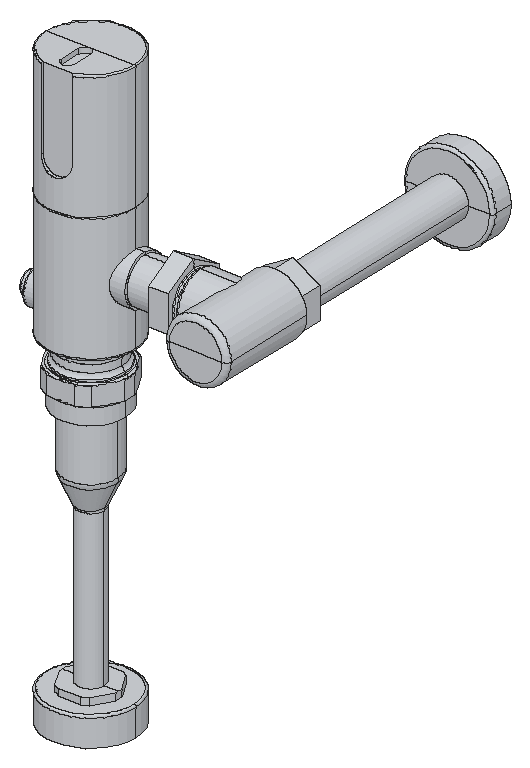
Revit family "Flushometer-Urinal_Touchless-KOHLER-MACH_WAVE-K-40UH00K20_1", category Plumbing Fixtures, host Face, Revit 2017
Family settings
  Host = Face
  Round Connector Dimension = Use Diameter
  Part Type = Normal
  OmniClass Number = 23.27.31.00
  OmniClass Title = Valves
  Cut with Voids When Loaded = No
  Shared = No
  Room Calculation Point = No
Parameters (values of type "1.0 GPF Flushometer, CP-Polished Chrome")
  Without Accessories = Type = 2  # no
  With Accessories = Type = 1  # yes
  Width [instance] = 4 3/8"
  WaterSense Certified = 1 = 0  # no
  Waste Water Outlet = "Waste Water Outlet"  # constant formula
  Waste Connection = 1 = 0  # no
  Vent Connection = 1 = 0  # no
  URL = "https://www.us.kohler.com/us/"
  Type = 1
  RF Width = 3 1/2"  # constant formula
  RF Length = 2 1/2"  # constant formula
  RF Height = 8 1/16"  # constant formula
  Product Page URL = "http://www.us.kohler.com/us/catalog/productDetails.jsp?productId=40UH00K20"
  Product Name = "MACH WAVE"  # constant formula
  Product Documentation Link = "https://www.us.kohler.com/webassets/kpna/catalog/pdf/en/K-40UH00K20_spec.pdf"
  Pressure = 0.00 psi
  Model = if(Type = 1, "K-40UH00K20-CP", if(Type = 2, "K-40UH00K20-RF-CP", "NA"))  # "K-40UH00K20-CP"
  Material = "Premium Metal Construction"  # constant formula
  Master Format 2014 Name = "Control Valves"  # constant formula
  Master Format 2014 = "23 09 13.33"  # constant formula
  Manufacturer Address = "444 Highland Dr, Kohler, WI 53044"  # constant formula
  Manufacturer = "KOHLER Co."  # constant formula
  Length [instance] = 9 3/8"
  Hot Water Inlet = "Hot Water Inlet"  # constant formula
  Height [instance] = 16 3/4"
  HW Connection = 1 = 0  # no
  Flush Rate- LPF = "3.8 LPF"  # constant formula
  Flush Rate- GPF = "1.0 GPF"  # constant formula
  Flow Rate = 0 GPM
  Finish = Kohler-Metal-CP-Polished_Chrome
  Environmental Product Declaration = ""
  Description = if(Type = 1, "HEC 1.0 GPF URINAL FLASH VALVE", if(Type = 2, "HEC 1.0 GPF URINAL RETROFIT FLASH VALVE", "NA"))  # "HEC 1.0 GPF URINAL FLASH VALVE"
  Default Elevation = 0"
  Declare Label = ""
  Date Modified = "02/11/2021"  # constant formula
  Date Created = "02/11/2021"  # constant formula
  Copyright = "Copyright KOHLER Co."  # constant formula
  Contact Us = "https://www.us.kohler.com/us/static/contact.jsp"
  Connector Dia 2 = if(Without Accessories, 3/4", 0")  # 0"
  Connector Dia 1 = if(With Accessories, 3/4", 0")  # 3/4"
  Cold Water Outlet = "Cold Water Outlet"  # constant formula
  Cold Water Inlet = "Cold Water Inlet"  # constant formula
  Center Distance [instance] = (Height - 5 1/4")  # 11 1/2"
  CW Connection = 1 = 1  # yes
  Assembly Code = "D2020"
  ADA Compliant = 1 = 0  # no
Reference planes (in)
  plane 1 "Center (Front/Back)": y = 0
  plane 2: z = 0
  plane 3 "Center (Left/Right)": x = 0
  plane 4: x = 4.375
  plane 5: z = 16.75
  plane 6: y = 7.5625
  plane 7: y = -1.8125
  plane 8: z = 11.5
  plane 9: x = -1.25
  plane 10: x = -0.375
  plane 11: x = 0.375
  plane 12: x = 1.25
  plane 13: x = -1.75
  plane 14: y = 1.25
  plane 15: y = 0.375
  plane 16: y = -0.375
  plane 17: y = -1.25
  plane 18: x = 3.125
  plane 19: x = 3.8125
  plane 20: x = 4.9375
  plane 21: x = 5.625
  plane 22: y = 6.95157
  plane 23: z = 12.75
  plane 24: z = 12.0625
  plane 25: z = 10.9375
  plane 26: z = 10.25
  plane 27: z = 10.3125
  plane 28: z = 0.8125
  plane 29: z = 8.0625
  plane 30: z = 2.75
  plane 31: x = 3.5
  plane 32: z = 1.625
  plane 33: z = 2.08661
  plane 34: z = 3.41339
  plane 35: y = 0.66339
  plane 36: y = -0.66339
  plane 37: x = -1.25
  plane 38: y = 1.25
  plane 39: y = -1.25
  plane 40: x = 1.25
Dimensions and locks (in)
  "Width": plane 3 "Center (Left/Right)" to plane 4
  "Height": plane 5 to level
  locked: plane 7 to plane 1 "Center (Front/Back)" at 1.8125
  "Length": plane 7 to plane 6
  "Center Distance": plane 8 to level
  plane 5 to plane 8 = 5 1/4"
  plane 18 to plane 4 to plane 21 = 1 1/4" locked, 1 1/4" locked
  plane 19 to plane 4 to plane 20 = 9/16" locked, 9/16" locked
  locked: plane 22 to plane 6 at 0.61093
  locked: plane 27 to plane 8 at 1.1875
  plane 26 to plane 8 to plane 23 = 1 1/4" locked, 1 1/4" locked
  plane 24 to plane 8 to plane 25 = 9/16" locked, 9/16" locked
  plane 28 to level = 13/16"
  "RF Height": plane 29 to level
  "RF Width": plane 3 "Center (Left/Right)" to plane 31
  "RF Length": plane 14 to plane 17
  aligned and locked: plane 2 to host face
  aligned and locked: level to host face
  aligned and locked: plane 5 to nested 1
  aligned and locked: plane 6 to nested 1
  aligned and locked: plane 1 "Center (Front/Back)" to nested 1
  aligned and locked: plane 3 "Center (Left/Right)" to nested 1
  aligned and locked: plane 7 to nested 1
Automatic sketch dimensions
  host sketch curve to host sketch curve = 96"  (x2)
Nested families (in)
  nested 1: "K-40UH00K20" at (0, 0, 0), visible <- "With Accessories", type "K-40UH00K20"
  nested 2: "K-40UH00K20_RF" at (0, 0, 0), visible <- "Without Accessories", type "K-40UH00K20_RF"
Connectors (in)
  piping at (4.375, 7.5625, 11.5), diameter 0.75, driven by "Flow Rate", driven by "CW Connection", driven by "Cold Water Inlet", driven by "Connector Dia 1"
    settings: on nested 1, index 1, connector inside diameter 24", connector length 0", flow factor 0, pipe flow 0 GPM, pressure drop 0.00 psi, fitting loss kfactor 0, connector angle 0.00°, fixture units 0, engagement length 0", angle of deflection 0.00°, flow configuration 0, flow direction 1, fitting loss method 0, system type 20, joint type 0, gender type 0, connector reference index -1, connector utility 1, adjustable connector no, is connector primary yes, connector description "Cold Water Inlet"
  piping at (0, 0, 0), diameter 0.75, driven by "Flow Rate", driven by "CW Connection", driven by "Cold Water Outlet"
    settings: on nested 1, index 2, connector inside diameter 24", connector length 0", flow factor 0, pipe flow 0 GPM, pressure drop 0.00 psi, fitting loss kfactor 0, connector angle 0.00°, fixture units 0, engagement length 0", angle of deflection 0.00°, flow configuration 0, flow direction 2, fitting loss method 0, system type 20, joint type 0, gender type 0, connector reference index -1, connector utility 1, adjustable connector no, is connector primary no, connector description "Cold Water Outlet"
  piping at (3.5, 0, 2.75), driven by "Flow Rate", driven by "CW Connection", driven by "Cold Water Inlet", driven by "Connector Dia 2"
    settings: on nested 2, index 3, connector diameter 0", connector inside diameter 24", connector length 0", flow factor 0, pipe flow 0 GPM, pressure drop 0.00 psi, fitting loss kfactor 0, connector angle 0.00°, fixture units 0, engagement length 0", angle of deflection 0.00°, flow configuration 0, flow direction 1, fitting loss method 0, system type 20, joint type 0, gender type 0, connector reference index -1, connector utility 1, adjustable connector no, is connector primary no, connector description "Cold Water Inlet"
Definition of nested family "K-40UH00K20"
  Parameters (values of type "K-40UH00K20")
    length = 9 3/8"
    Width = 4 3/8"
    Material = none
    Height = 16 3/4"
    Center Distance = (Height - 5 1/4")  # 11 1/2"
  Reference planes (in)
    plane 1 "Center (Front/Back)": y = 0
    plane 2: z = 0
    plane 3 "Center (Left/Right)": x = 0
    plane 4 "A": z = 11.5
    plane 5: z = 10.3125
    plane 6: z = 16.75
    plane 7: x = 4.375
    plane 8: x = -1.25
    plane 9: x = 1.25
    plane 10: y = 1.25
    plane 11: y = -1.25
    plane 12: y = 7.5625
    plane 13: y = -1.8125
    plane 14: z = 12.75
    plane 15: z = 10.25
    plane 16: z = 8.96457
    plane 17: z = 8.37649
    plane 18: x = 3.125
    plane 19: x = 5.625
    plane 20: x = -1.75
    plane 21: z = 16.625
    plane 22: z = 10.77154
    plane 23: y = 6.95157
    plane 24: x = 2.31594
    plane 25: x = 2.86713
    plane 26: x = 2.31594
    plane 27: x = 2.86713
    plane 28: x = -0.375
    plane 29: x = 0.375
    plane 30: y = 0.375
    plane 31: y = -0.375
    plane 32: x = 3.8125
    plane 33: x = 4.9375
    plane 34: z = 12.0625
    plane 35: z = 10.9375
    plane 36: z = 0.8125
  Forms (in)
    Extrusion 1, void
      sketch origin (0, 0, 0) x (1, 0, 0) y (0, 1, 0)
        loop
          circle (0, 0) r 1.31929
        loop
          line (-1.08681, 0.18452) -> (-1.08681, -0.18452) -> (-0.7032, -0.84894) -> (-0.38361, -1.03346) -> (0.38361, -1.03346) -> (0.7032, -0.84894) -> (1.08681, -0.18452) -> (1.08681, 0.18452) -> (0.7032, 0.84894) -> (0.38361, 1.03346) -> (-0.38361, 1.03346) -> (-0.7032, 0.84894) -> (-1.08681, 0.18452)
      from 8.96457 to 8.37649
    Extrusion 2, void
      sketch origin (0, 0, 0) x (1, 0, 0) y (0, 1, 0)
        loop
          line (-0.78603, 0.10393) -> (-0.78603, -0.10393) -> (-0.48302, -0.62876) -> (-0.30301, -0.73268) -> (0.30301, -0.73268) -> (0.48302, -0.62876) -> (0.78603, -0.10393) -> (0.78603, 0.10393) -> (0.48302, 0.62876) -> (0.30301, 0.73268) -> (-0.30301, 0.73268) -> (-0.48302, 0.62876) -> (-0.78603, 0.10393)
        loop
          circle (0, 0) r 1.08041
      from 0.81496 to 1.4779
    Revolve 3, solid, material <- "Material", detail levels medium+fine
      sketch origin (0, 0, 0) x (1, 0, 0) y (0, 0, 1)
        loop
          line (1.50388, 12.13386) -> (1.50388, 12.18528) -> (0, 12.18528) -> (0, 11.5) -> (4.375, 11.5) -> (4.375, 12.31231) -> (3.06772, 12.31231)
          arc (3.06772, 12.31231) -> (3.04611, 12.30801) -> (3.02779, 12.29577) r 0.05647
          line (3.02779, 12.29577) -> (2.97034, 12.23832) -> (2.89854, 12.23832)
          arc (2.89854, 12.23832) -> (2.87633, 12.24752) -> (2.86713, 12.26973) r 0.03141
          line (2.86713, 12.26973) -> (2.86713, 12.57402) -> (2.31594, 12.57402) -> (2.31594, 12.13386) -> (1.50388, 12.13386)
        axis (0, 11.5) -> (4.375, 11.5)
      angle from 0 to 360
    Revolve 4, solid, material <- "Material", detail levels medium+fine
      sketch origin (0, 0, 11.5) x (-1, 0, 0) y (0, -1, 0)
        loop
          line (-5.25094, -1.55) -> (-4.93746, -1.55) -> (-4.93746, -6.95157) -> (-5.54291, -6.95157)
          arc (-5.54291, -6.95157) -> (-5.60096, -6.97562) -> (-5.625, -7.03367) r 0.08209
          line (-5.625, -7.03367) -> (-5.625, -7.5625) -> (-4.375, -7.5625) -> (-4.375, 1.8125) -> (-5.10646, 1.8125)
          arc (-5.10646, 1.8125) -> (-5.20862, 1.77018) -> (-5.25094, 1.66802) r 0.14448
          line (-5.25094, 1.66802) -> (-5.25094, -1.55)
        axis (-4.375, -7.5625) -> (-4.375, 1.8125)
      angle from 0 to 360
    Extrusion 5, void
      sketch origin (0, 0, 0) x (0, 1, 0) y (0, 0, 1)
        loop
          circle (0, 11.5) r 1.18947
        loop
          line (0, 12.50197) -> (-0.86773, 12.00098) -> (-0.86773, 10.99902) -> (0, 10.49803) -> (0.86773, 10.99902) -> (0.86773, 12.00098) -> (0, 12.50197)
      from 2.31594 to 2.86713
    Extrusion 6, void
      sketch origin (0, 0, 0) x (1, 0, 0) y (0, 0, 1)
        loop
          circle (4.375, 11.5) r 1.06894
        loop
          line (4.375, 12.37594) -> (3.61641, 11.93797) -> (3.61641, 11.06203) -> (4.375, 10.62406) -> (5.13359, 11.06203) -> (5.13359, 11.93797) -> (4.375, 12.37594)
      from -0.92795 to -1.86496
    Revolve 7, solid, material <- "Material", detail levels medium+fine
      sketch origin (0, 0, 0) x (1, 0, 0) y (0, 0, 1)
        loop
          line (-0.5997, 10.3125) -> (-0.5997, 10.80709) -> (-1.46322, 10.80709)
          arc (-1.46322, 10.80709) -> (-1.50732, 10.78882) -> (-1.52559, 10.74472) r 0.06237
          line (-1.52559, 10.74472) -> (-1.52559, 10.62339) -> (-1.68732, 10.62339)
          arc (-1.68732, 10.62339) -> (-1.73164, 10.60503) -> (-1.75, 10.56071) r 0.06268
          line (-1.75, 10.56071) -> (-1.75, 10.3125) -> (-0.5997, 10.3125)
        axis (-1.75, 10.3125) -> (-0.5997, 10.3125)
      angle from 0 to 360
    Extrusion 8, void
      sketch origin (0, 0, 0) x (1, 0, 0) y (0, 0, 1)
        loop
          line (0.42988, 16.75) -> (-0.42988, 16.75) -> (-0.42988, 14.48421)
          arc (-0.42988, 14.48421) -> (-0.30372, 14.18071) -> (0, 14.05506) r 0.42988
          arc (0, 14.05506) -> (0.30372, 14.18071) -> (0.42988, 14.48421) r 0.42988
          line (0.42988, 14.48421) -> (0.42988, 16.75)
      from 1.13381 to 1.33905
    Extrusion 9, void
      sketch origin (0, 0, 11.5) x (-1, 0, 0) y (0, -1, 0)
        loop
          line (0.18307, 0.20669) -> (0.18307, 0.79724)
          arc (0.18307, 0.79724) -> (0, 0.98031) -> (-0.18307, 0.79724) r 0.18307
          line (-0.18307, 0.79724) -> (-0.18307, 0.20669)
          arc (-0.18307, 0.20669) -> (0, 0.02362) -> (0.18307, 0.20669) r 0.18307
      from 5.125 to 5.25
    Extrusion 10, void
      sketch origin (0, 0, 11.5) x (-1, 0, 0) y (0, -1, 0)
        loop
          line (1.41057, -0.21142) -> (1.60921, -0.21142) -> (1.60921, 0.21142) -> (1.40955, 0.21142)
          arc (1.40955, 0.21142) -> (1.36418, 0.19773) -> (1.33395, 0.16123) r 0.08203
          arc (1.33395, 0.16123) -> (1.30138, 0.00064) -> (1.33346, -0.16005) r 0.41534
          arc (1.33346, -0.16005) -> (1.36424, -0.1974) -> (1.41057, -0.21142) r 0.08357
      from 0 to -0.72846
    Revolve 11, solid, material <- "Material", detail levels medium+fine
      sketch origin (0, 0, 0) x (1, 0, 0) y (0, 0, 1)
        loop
          line (0, 0) -> (1.25, 0) -> (1.25, 0.75359)
          arc (1.25, 0.75359) -> (1.23275, 0.79525) -> (1.19109, 0.8125) r 0.05891
          line (1.19109, 0.8125) -> (0.92409, 0.8125) -> (0.92409, 1) -> (0.375, 1) -> (0.375, 5.35938)
          arc (0.375, 5.35938) -> (0.37896, 5.39553) -> (0.39065, 5.42996) r 0.167
          line (0.39065, 5.42996) -> (0.72601, 6.14915)
          arc (0.72601, 6.14915) -> (0.74977, 6.21913) -> (0.75781, 6.2926) r 0.33942
          line (0.75781, 6.2926) -> (0.75781, 7.89764) -> (0.98425, 7.89764) -> (0.98425, 8.34472)
          arc (0.98425, 8.34472) -> (0.99197, 8.36919) -> (1.01232, 8.3848) r 0.04265
          line (1.01232, 8.3848) -> (1.14839, 8.43433)
          arc (1.14839, 8.43433) -> (1.16889, 8.45006) -> (1.17666, 8.47471) r 0.04297
          line (1.17666, 8.47471) -> (1.17666, 8.877)
          arc (1.17666, 8.877) -> (1.16889, 8.90164) -> (1.14839, 8.91738) r 0.04297
          line (1.14839, 8.91738) -> (1.07657, 8.94351)
          arc (1.07657, 8.94351) -> (1.03961, 8.95342) -> (1.00148, 8.95675) r 0.21955
          line (1.00148, 8.95675) -> (0.94231, 8.95675) -> (0.94231, 9.0002)
          arc (0.94231, 9.0002) -> (0.88676, 9.06161) -> (0.86667, 9.14194) r 0.17064
          line (0.86667, 9.14194) -> (0.86667, 9.35008)
          arc (0.86667, 9.35008) -> (0.95904, 9.57308) -> (1.18205, 9.66545) r 0.31537
          line (1.18205, 9.66545) -> (1.22186, 9.66545)
          arc (1.22186, 9.66545) -> (1.24176, 9.67369) -> (1.25, 9.69359) r 0.02814
          line (1.25, 9.69359) -> (1.25, 13.19548)
          arc (1.25, 13.19548) -> (1.24055, 13.21854) -> (1.21765, 13.22835) r 0.03287
          line (1.21765, 13.22835) -> (1.25, 13.22835) -> (1.25, 16.71358)
          arc (1.25, 16.71358) -> (1.23933, 16.73933) -> (1.21358, 16.75) r 0.03642
          line (1.21358, 16.75) -> (0, 16.75) -> (0, 0)
        axis (0, 0) -> (0, 16.75)
      angle from 0 to 360
    Revolve 12, solid, material <- "Material", detail levels coarse
      sketch origin (0, 0, 0) x (1, 0, 0) y (0, 0, 1)
        loop
          line (0, 16.75) -> (-1.25, 16.75) -> (-1.25, 7.89764) -> (-0.75781, 7.89764) -> (-0.75781, 5.42296) -> (-0.375, 5.42296) -> (-0.375, 0.81496) -> (-1.25, 0.81496) -> (-1.25, 0) -> (0, 0) -> (0, 16.75)
        axis (0, 16.75) -> (0, 0)
      angle from 0 to 360
    Revolve 13, solid, material <- "Material", detail levels coarse
      sketch origin (0, 0, 11.5) x (-1, 0, 0) y (0, -1, 0)
        loop
          line (-4.375, -7.5625) -> (-4.375, 1.8125) -> (-5.25094, 1.8125) -> (-5.25094, -1.55) -> (-4.93764, -1.55) -> (-4.93764, -6.95157) -> (-5.625, -6.95157) -> (-5.625, -7.5625) -> (-4.375, -7.5625)
        axis (-4.375, -7.5625) -> (-4.375, 1.8125)
      angle from 0 to 360
    Extrusion 14, solid, material <- "Material", detail levels coarse
      sketch origin (0, 0, 0) x (0, 1, 0) y (0, 0, 1)
        loop
          circle (0, 10.3125) r 0.49459
      from -1.75 to -1.08681
    Extrusion 15, solid, material <- "Material", detail levels medium+fine
      sketch origin (0, 0, 0) x (1, 0, 0) y (0, 0, 1)
        loop
          circle (4.375, 11.5) r 0.22469
      from -7.5625 to -6.95157
    Revolve 16, solid, material <- "Material", detail levels coarse
      sketch origin (0, 0, 0) x (1, 0, 0) y (0, 0, 1)
        loop
          line (0, 12.13357) -> (0, 11.5) -> (4.375, 11.5) -> (4.375, 12.31214) -> (2.86713, 12.31214) -> (2.86713, 12.50197) -> (2.31594, 12.50197) -> (2.31594, 12.13357) -> (0, 12.13357)
        axis (4.375, 11.5) -> (0, 11.5)
      angle from 0 to 360
  Cuts and joins
    Extrusion 8, Extrusion 9, Extrusion 10 cuts Revolve 7
    Extrusion 6 cuts Revolve 4
    Extrusion 1, Extrusion 2, Extrusion 8, Extrusion 9 cuts Revolve 11
    Extrusion 5 cuts Revolve 3
  Lines and regions (in)
    Masking region 1
      outline origin (0, 0, 11.5) x (-1, 0, 0) y (0, -1, 0)
        loop
          line (1.14764, -0.49541) -> (1.45548, -0.49541)
          arc (1.45548, -0.49541) -> (1.50506, -0.47487) -> (1.52559, -0.4253) r 0.07011
          line (1.52559, -0.4253) -> (1.52559, -0.31089) -> (1.69067, -0.31089)
          arc (1.69067, -0.31089) -> (1.73262, -0.29351) -> (1.75, -0.25156) r 0.05933
          line (1.75, -0.25156) -> (1.75, 0.25156)
          arc (1.75, 0.25156) -> (1.73262, 0.29351) -> (1.69067, 0.31089) r 0.05933
          line (1.69067, 0.31089) -> (1.52559, 0.31089) -> (1.52559, 0.4253)
          arc (1.52559, 0.4253) -> (1.50506, 0.47487) -> (1.45548, 0.49541) r 0.07011
          line (1.45548, 0.49541) -> (1.14764, 0.49541)
          arc (1.14764, 0.49541) -> (0.68675, 1.04445) -> (0, 1.25) r 1.25
          arc (0, 1.25) -> (-0.59409, 1.0998) -> (-1.04541, 0.68528) r 1.25
          line (-1.04541, 0.68528) -> (-1.50394, 0.68528) -> (-1.50394, 0.63386) -> (-2.31594, 0.63386) -> (-2.31594, 0.86773) -> (-2.86713, 0.86773) -> (-2.86713, 0.77274)
          arc (-2.86713, 0.77274) -> (-2.87721, 0.7484) -> (-2.90155, 0.73832) r 0.03442
          line (-2.90155, 0.73832) -> (-2.97034, 0.73832) -> (-3.0243, 0.79228)
          arc (-3.0243, 0.79228) -> (-3.0465, 0.80711) -> (-3.0727, 0.81232) r 0.06845
          line (-3.0727, 0.81232) -> (-3.49906, 0.81232) -> (-3.49906, 1.66989)
          arc (-3.49906, 1.66989) -> (-3.54083, 1.77073) -> (-3.64167, 1.8125) r 0.14261
          line (-3.64167, 1.8125) -> (-5.11806, 1.8125)
          arc (-5.11806, 1.8125) -> (-5.21202, 1.77358) -> (-5.25094, 1.67962) r 0.13288
          line (-5.25094, 1.67962) -> (-5.25094, -0.92795) -> (-5.13359, -0.92795) -> (-5.13359, -1.55) -> (-4.93764, -1.55) -> (-4.93764, -6.95157) -> (-5.54009, -6.95157)
          arc (-5.54009, -6.95157) -> (-5.60013, -6.97645) -> (-5.625, -7.03649) r 0.08491
          line (-5.625, -7.03649) -> (-5.625, -7.5625) -> (-3.125, -7.5625) -> (-3.125, -7.03649)
          arc (-3.125, -7.03649) -> (-3.14987, -6.97645) -> (-3.20991, -6.95157) r 0.08491
          line (-3.20991, -6.95157) -> (-3.81236, -6.95157) -> (-3.81236, -1.55) -> (-3.61641, -1.55) -> (-3.61641, -0.92795) -> (-3.49906, -0.92795) -> (-3.49906, -0.81232) -> (-3.0727, -0.81232)
          arc (-3.0727, -0.81232) -> (-3.0465, -0.80711) -> (-3.0243, -0.79228) r 0.06845
          line (-3.0243, -0.79228) -> (-2.97034, -0.73832) -> (-2.90155, -0.73832)
          arc (-2.90155, -0.73832) -> (-2.87721, -0.7484) -> (-2.86713, -0.77274) r 0.03442
          line (-2.86713, -0.77274) -> (-2.86713, -0.86773) -> (-2.31594, -0.86773) -> (-2.31594, -0.63386) -> (-1.50394, -0.63386) -> (-1.50394, -0.68528) -> (-1.04541, -0.68528)
          arc (-1.04541, -0.68528) -> (-0.59409, -1.0998) -> (0, -1.25) r 1.25
          arc (0, -1.25) -> (0.68675, -1.04445) -> (1.14764, -0.49541) r 1.25
    Masking region 2
      outline origin (0, 0, 0) x (1, 0, 0) y (0, 0, 1)
        loop
          line (1.25, 0) -> (1.25, 0.75477)
          arc (1.25, 0.75477) -> (1.23309, 0.79559) -> (1.19227, 0.8125) r 0.05773
          line (1.19227, 0.8125) -> (0.78603, 0.8125) -> (0.78603, 1) -> (0.375, 1) -> (0.375, 5.36333)
          arc (0.375, 5.36333) -> (0.37834, 5.39387) -> (0.38822, 5.42296) r 0.14108
          line (0.38822, 5.42296) -> (0.7292, 6.1542)
          arc (0.7292, 6.1542) -> (0.75057, 6.21716) -> (0.75781, 6.28325) r 0.30536
          line (0.75781, 6.28325) -> (0.75781, 7.89764) -> (0.98425, 7.89764) -> (0.98425, 8.33679)
          arc (0.98425, 8.33679) -> (0.99588, 8.36486) -> (1.02395, 8.37649) r 0.0397
          line (1.02395, 8.37649) -> (1.08681, 8.37649) -> (1.08681, 8.92229)
          arc (1.08681, 8.92229) -> (1.07443, 8.95218) -> (1.04453, 8.96457) r 0.04228
          line (1.04453, 8.96457) -> (0.94231, 8.96457) -> (0.94231, 9.0002)
          arc (0.94231, 9.0002) -> (0.88697, 9.06221) -> (0.86698, 9.14288) r 0.1728
          line (0.86698, 9.14288) -> (0.86698, 9.35892)
          arc (0.86698, 9.35892) -> (0.95683, 9.57583) -> (1.17374, 9.66568) r 0.30676
          line (1.17374, 9.66568) -> (1.22254, 9.66568)
          arc (1.22254, 9.66568) -> (1.24196, 9.67372) -> (1.25, 9.69314) r 0.02746
          line (1.25, 9.69314) -> (1.25, 10.81472) -> (1.50394, 10.81472) -> (1.50394, 10.86643) -> (2.31594, 10.86643) -> (2.31594, 10.49803) -> (2.86713, 10.49803) -> (2.86713, 10.72866)
          arc (2.86713, 10.72866) -> (2.8768, 10.75201) -> (2.90014, 10.76168) r 0.03302
          line (2.90014, 10.76168) -> (2.97034, 10.76168) -> (3.02723, 10.70479)
          arc (3.02723, 10.70479) -> (3.04598, 10.69226) -> (3.0681, 10.68786) r 0.0578
          line (3.0681, 10.68786) -> (3.42477, 10.68786)
          arc (3.42477, 10.68786) -> (5.625, 11.5) -> (3.42477, 12.31214) r 1.25
          line (3.42477, 12.31214) -> (3.0681, 12.31214)
          arc (3.0681, 12.31214) -> (3.04598, 12.30774) -> (3.02723, 12.29521) r 0.0578
          line (3.02723, 12.29521) -> (2.97034, 12.23832) -> (2.90094, 12.23832)
          arc (2.90094, 12.23832) -> (2.87703, 12.24822) -> (2.86713, 12.27213) r 0.03381
          line (2.86713, 12.27213) -> (2.86713, 12.50197) -> (2.31594, 12.50197) -> (2.31594, 12.13357) -> (1.50394, 12.13357) -> (1.50394, 12.18528) -> (1.25, 12.18528) -> (1.25, 13.19707)
          arc (1.25, 13.19707) -> (1.24046, 13.21957) -> (1.21765, 13.22835) r 0.03129
          line (1.21765, 13.22835) -> (1.25, 13.22835) -> (1.25, 16.71393)
          arc (1.25, 16.71393) -> (1.23944, 16.73944) -> (1.21393, 16.75) r 0.03607
          line (1.21393, 16.75) -> (-1.21393, 16.75)
          arc (-1.21393, 16.75) -> (-1.23944, 16.73944) -> (-1.25, 16.71393) r 0.03607
          line (-1.25, 16.71393) -> (-1.25, 13.22835) -> (-1.21765, 13.22835)
          arc (-1.21765, 13.22835) -> (-1.24046, 13.21957) -> (-1.25, 13.19707) r 0.03129
          line (-1.25, 13.19707) -> (-1.25, 10.80709) -> (-1.30138, 10.80709)
          spline (-1.30138, 10.80709) -> (-1.3018, 10.80683) -> (-1.30281, 10.80607) -> (-1.3044, 10.8048) -> (-1.30657, 10.80303) -> (-1.30932, 10.80076) -> (-1.31264, 10.798) -> (-1.31652, 10.79476) -> (-1.32096, 10.79103) -> (-1.32594, 10.78684) -> (-1.33145, 10.78218) -> (-1.33748, 10.77708) -> (-1.34402, 10.77154)
          line (-1.34402, 10.77154) -> (-1.50047, 10.77154)
          arc (-1.50047, 10.77154) -> (-1.51823, 10.76418) -> (-1.52559, 10.74642) r 0.02512
          line (-1.52559, 10.74642) -> (-1.52559, 10.62339) -> (-1.68985, 10.62339)
          arc (-1.68985, 10.62339) -> (-1.73238, 10.60577) -> (-1.75, 10.56324) r 0.06015
          line (-1.75, 10.56324) -> (-1.75, 10.06176)
          arc (-1.75, 10.06176) -> (-1.73238, 10.01923) -> (-1.68985, 10.00161) r 0.06015
          line (-1.68985, 10.00161) -> (-1.52559, 10.00161) -> (-1.52559, 9.87879)
          arc (-1.52559, 9.87879) -> (-1.50766, 9.83551) -> (-1.46439, 9.81758) r 0.0612
          line (-1.46439, 9.81758) -> (-1.25, 9.81758) -> (-1.25, 9.69314)
          arc (-1.25, 9.69314) -> (-1.24196, 9.67372) -> (-1.22254, 9.66568) r 0.02746
          line (-1.22254, 9.66568) -> (-1.17374, 9.66568)
          arc (-1.17374, 9.66568) -> (-0.95683, 9.57583) -> (-0.86698, 9.35892) r 0.30676
          line (-0.86698, 9.35892) -> (-0.86698, 9.14288)
          arc (-0.86698, 9.14288) -> (-0.88697, 9.06221) -> (-0.94231, 9.0002) r 0.1728
          line (-0.94231, 9.0002) -> (-0.94231, 8.96457) -> (-1.04453, 8.96457)
          arc (-1.04453, 8.96457) -> (-1.07443, 8.95218) -> (-1.08681, 8.92229) r 0.04228
          line (-1.08681, 8.92229) -> (-1.08681, 8.37649) -> (-1.02395, 8.37649)
          arc (-1.02395, 8.37649) -> (-0.99588, 8.36486) -> (-0.98425, 8.33679) r 0.0397
          line (-0.98425, 8.33679) -> (-0.98425, 7.89764) -> (-0.75781, 7.89764) -> (-0.75781, 6.28325)
          arc (-0.75781, 6.28325) -> (-0.75057, 6.21716) -> (-0.7292, 6.1542) r 0.30536
          line (-0.7292, 6.1542) -> (-0.38822, 5.42296)
          arc (-0.38822, 5.42296) -> (-0.37834, 5.39387) -> (-0.375, 5.36333) r 0.14108
          line (-0.375, 5.36333) -> (-0.375, 1) -> (-0.78603, 1) -> (-0.78603, 0.8125) -> (-1.19227, 0.8125)
          arc (-1.19227, 0.8125) -> (-1.23309, 0.79559) -> (-1.25, 0.75477) r 0.05773
          line (-1.25, 0.75477) -> (-1.25, 0) -> (1.25, 0)
    Masking region 3
      outline origin (0, 0, 0) x (0, 1, 0) y (0, 0, 1)
        loop
          line (1.25, 0) -> (1.25, 0.75262)
          arc (1.25, 0.75262) -> (1.23246, 0.79496) -> (1.19012, 0.8125) r 0.05988
          line (1.19012, 0.8125) -> (0.73268, 0.8125) -> (0.73268, 1) -> (0.37476, 1) -> (0.37476, 5.33413)
          arc (0.37476, 5.33413) -> (0.38078, 5.38912) -> (0.39856, 5.4415) r 0.25405
          line (0.39856, 5.4415) -> (0.72285, 6.13693)
          arc (0.72285, 6.13693) -> (0.74897, 6.21388) -> (0.75781, 6.29465) r 0.3732
          line (0.75781, 6.29465) -> (0.75781, 7.89764) -> (0.98425, 7.89764) -> (0.98425, 8.37649) -> (1.03346, 8.37649) -> (1.03346, 8.96457) -> (0.94231, 8.96457) -> (0.94231, 9.0002)
          arc (0.94231, 9.0002) -> (0.88689, 9.06497) -> (0.86696, 9.14785) r 0.18237
          line (0.86696, 9.14785) -> (0.86696, 9.33648)
          arc (0.86696, 9.33648) -> (0.9567, 9.56242) -> (1.17701, 9.66523) r 0.32932
          line (1.17701, 9.66523) -> (1.22184, 9.66523)
          arc (1.22184, 9.66523) -> (1.24175, 9.67348) -> (1.25, 9.69339) r 0.02816
          line (1.25, 9.69339) -> (1.25, 10.62406) -> (1.55, 10.62406) -> (1.55, 10.93804) -> (6.95157, 10.93804) -> (6.95157, 10.3304)
          arc (6.95157, 10.3304) -> (6.97512, 10.27355) -> (7.03198, 10.25) r 0.0804
          line (7.03198, 10.25) -> (7.5625, 10.25) -> (7.5625, 12.75) -> (7.03198, 12.75)
          arc (7.03198, 12.75) -> (6.97512, 12.72645) -> (6.95157, 12.6696) r 0.0804
          line (6.95157, 12.6696) -> (6.95157, 12.06196) -> (1.55, 12.06196) -> (1.55, 12.37594) -> (1.25, 12.37594) -> (1.25, 13.19345)
          arc (1.25, 13.19345) -> (1.24081, 13.2171) -> (1.21806, 13.22835) r 0.03503
          line (1.21806, 13.22835) -> (1.25, 13.22835) -> (1.25, 16.70975)
          arc (1.25, 16.70975) -> (1.23821, 16.73821) -> (1.20975, 16.75) r 0.04025
          line (1.20975, 16.75) -> (-1.13555, 16.75)
          arc (-1.13555, 16.75) -> (-1.16257, 16.73881) -> (-1.17376, 16.7118) r 0.0382
          line (-1.17376, 16.7118) -> (-1.17376, 14.48421)
          arc (-1.17376, 14.48421) -> (-1.19296, 14.26628) -> (-1.25, 14.05506) r 1.24591
          line (-1.25, 14.05506) -> (-1.25, 13.22835) -> (-1.2189, 13.22835)
          arc (-1.2189, 13.22835) -> (-1.24114, 13.21629) -> (-1.25, 13.1926) r 0.0361
          line (-1.25, 13.1926) -> (-1.25, 12.37429) -> (-1.66532, 12.37429)
          arc (-1.66532, 12.37429) -> (-1.76939, 12.33119) -> (-1.8125, 12.22712) r 0.14718
          line (-1.8125, 12.22712) -> (-1.8125, 10.77288)
          arc (-1.8125, 10.77288) -> (-1.76939, 10.66881) -> (-1.66532, 10.62571) r 0.14718
          line (-1.66532, 10.62571) -> (-1.25, 10.62571) -> (-1.25, 9.69339)
          arc (-1.25, 9.69339) -> (-1.24175, 9.67348) -> (-1.22184, 9.66523) r 0.02816
          line (-1.22184, 9.66523) -> (-1.17701, 9.66523)
          arc (-1.17701, 9.66523) -> (-0.9567, 9.56242) -> (-0.86696, 9.33648) r 0.32932
          line (-0.86696, 9.33648) -> (-0.86696, 9.14785)
          arc (-0.86696, 9.14785) -> (-0.88689, 9.06497) -> (-0.94231, 9.0002) r 0.18237
          line (-0.94231, 9.0002) -> (-0.94231, 8.96457) -> (-1.03346, 8.96457) -> (-1.03346, 8.37649) -> (-0.98425, 8.37649) -> (-0.98425, 7.89764) -> (-0.75781, 7.89764) -> (-0.75781, 6.29465)
          arc (-0.75781, 6.29465) -> (-0.74897, 6.21388) -> (-0.72285, 6.13693) r 0.3732
          line (-0.72285, 6.13693) -> (-0.39856, 5.4415)
          arc (-0.39856, 5.4415) -> (-0.38078, 5.38912) -> (-0.37476, 5.33413) r 0.25405
          line (-0.37476, 5.33413) -> (-0.37476, 1) -> (-0.73268, 1) -> (-0.73268, 0.8125) -> (-1.19012, 0.8125)
          arc (-1.19012, 0.8125) -> (-1.23246, 0.79496) -> (-1.25, 0.75262) r 0.05988
          line (-1.25, 0.75262) -> (-1.25, 0) -> (1.25, 0)
    symbolic lines, detail levels medium+fine
      curve 1: line (-1.52559, -0.31089, 11.5) -> (-1.52559, 0.31089, 11.5)
      curve 2: arc (-1.34442, -0.18412, 11.5) -> (-1.30138, 0, 11.5) -> (-1.34442, 0.18412, 11.5) r 0.41534
      curve 3: line (-1.52559, 0.18412, 11.5) -> (-1.34442, 0.18412, 11.5)
      curve 4: line (-1.34442, -0.18412, 11.5) -> (-1.52559, -0.18412, 11.5)
      curve 5: arc (-1.14764, 0.49541, 11.5) -> (-1.22414, 0.25294, 11.5) -> (-1.25, 0, 11.5) r 1.25
      curve 6: arc (-1.14764, -0.49541, 11.5) -> (-1.22414, -0.25294, 11.5) -> (-1.25, 0, 11.5) r 1.25
      curve 7: arc (1.04541, 0.68528, 11.5) -> (1.19776, 0.35759, 11.5) -> (1.25, 0, 11.5) r 1.25
      curve 8: arc (1.04541, -0.68528, 11.5) -> (1.19776, -0.35759, 11.5) -> (1.25, 0, 11.5) r 1.25
      curve 9: line (0.42988, -1.13381, 11.5) -> (-0.42988, -1.13381, 11.5)
      curve 10: line (-0.42988, -1.13381, 11.5) -> (-0.42988, -1.17376, 11.5)
      curve 11: line (0.42988, -1.17376, 11.5) -> (0.42988, -1.13381, 11.5)
      curve 12: arc (0.42988, -1.13924, 11.5) -> (0, 1.21765, 11.5) -> (-0.42988, -1.13924, 11.5) r 1.21765
      curve 13: arc (0.18307, -0.20669, 11.5) -> (0, -0.02362, 11.5) -> (-0.18307, -0.20669, 11.5) r 0.18307
      curve 14: line (-0.18307, -0.20669, 11.5) -> (-0.18307, -0.79724, 11.5)
      curve 15: line (0.18307, -0.79724, 11.5) -> (0.18307, -0.20669, 11.5)
      curve 16: arc (-0.18307, -0.79724, 11.5) -> (0, -0.98031, 11.5) -> (0.18307, -0.79724, 11.5) r 0.18307
      curve 17: line (1.50394, 0.63386, 11.5) -> (1.50394, -0.63386, 11.5)
      curve 18: line (2.31594, 0.63386, 11.5) -> (2.31594, -0.63386, 11.5)
      curve 19: line (2.86713, 0.77274, 11.5) -> (2.86713, -0.77274, 11.5)
      curve 20: line (2.97034, 0.73832, 11.5) -> (2.97034, -0.73832, 11.5)
      curve 21: line (2.86713, 0.77274, 11.5) -> (2.31594, 0.77274, 11.5)
      curve 22: line (2.31594, 0.05692, 11.5) -> (2.86713, 0.05692, 11.5)
      curve 23: line (2.86713, -0.77274, 11.5) -> (2.31594, -0.77274, 11.5)
      curve 24: line (2.31594, -0.05692, 11.5) -> (2.86713, -0.05692, 11.5)
      curve 25: line (3.81236, 1.55, 11.5) -> (4.93746, 1.55, 11.5)
      curve 26: line (3.71439, 1.55, 11.5) -> (3.71439, 0.92795, 11.5)
      curve 27: line (3.71439, 0.92795, 11.5) -> (4.21439, 0.92795, 11.5)
      curve 28: line (4.21439, 0.92795, 11.5) -> (4.21439, 1.55, 11.5)
      curve 29: line (5.03561, 1.55, 11.5) -> (5.03561, 0.92795, 11.5)
      curve 30: line (5.03561, 0.92795, 11.5) -> (4.53561, 0.92795, 11.5)
      curve 31: line (4.53561, 0.92795, 11.5) -> (4.53561, 1.55, 11.5)
      curve 32: line (3.49906, -0.81232, 11.5) -> (3.9705, -0.20585, 11.5)
      curve 33: line (3.49906, 0.81232, 11.5) -> (3.9705, 0.20585, 11.5)
      curve 34: arc (3.9705, -0.20585, 11.5) -> (4.04109, 0, 11.5) -> (3.9705, 0.20585, 11.5) r 0.33541
      curve 35: line (3.81236, 6.95157, 11.5) -> (4.93764, 6.95157, 11.5)
      curve 36: line (3.125, 7.03649, 11.5) -> (5.625, 7.03649, 11.5)
      curve 37: line (-0.375, 0, 1) -> (0.375, 0, 1)
      curve 38: line (-0.78603, 0, 0.8125) -> (0.78603, 0, 0.8125)
      curve 39: line (-1.25, 0, 0.75723) -> (1.25, 0, 0.75723)
      curve 40: line (-0.48302, 0, 1) -> (-0.48302, 0, 0.8125)
      curve 41: line (-0.30301, 0, 1) -> (-0.30301, 0, 0.8125)
      curve 42: line (0.30301, 0, 1) -> (0.30301, 0, 0.8125)
      curve 43: line (0.48302, 0, 1) -> (0.48302, 0, 0.8125)
      curve 44: line (-0.38822, 0, 5.42296) -> (0.38822, 0, 5.42296)
      curve 45: line (-0.75781, 0, 6.28325) -> (0.75781, 0, 6.28325)
      curve 46: line (-0.75781, 0, 7.89764) -> (0.75781, 0, 7.89764)
      curve 47: line (-1.02395, 0, 8.37649) -> (1.02395, 0, 8.37649)
      curve 48: line (-0.94231, 0, 8.96457) -> (0.94231, 0, 8.96457)
      curve 49: line (0.94231, 0, 9.0002) -> (-0.94231, 0, 9.0002)
      curve 50: line (-0.7032, 0, 8.37649) -> (-0.7032, 0, 8.96457)
      curve 51: line (-0.38361, 0, 8.37649) -> (-0.38361, 0, 8.96457)
      curve 52: line (0.7032, 0, 8.37649) -> (0.7032, 0, 8.96457)
      curve 53: line (0.38361, 0, 8.37649) -> (0.38361, 0, 8.96457)
      curve 54: line (-1.17374, 0, 9.66568) -> (1.17374, 0, 9.66568)
      curve 55: line (-1.52559, 0, 10.62339) -> (-1.52559, 0, 10.00161)
      curve 56: line (-1.25, 0, 9.81758) -> (-1.12019, 0, 10.10913)
      curve 57: line (-1.25, 0, 10.80742) -> (-1.12019, 0, 10.51587)
      curve 58: arc (-1.12019, 0, 10.51587) -> (-1.07697, 0, 10.3125) -> (-1.12019, 0, 10.10913) r 0.5
      curve 59: line (-1.21765, 0, 13.22835) -> (1.21765, 0, 13.22835)
      curve 60: line (-0.43272, 0, 16.75) -> (-0.43272, 0, 14.44082)
      curve 61: arc (-0.42988, 0, 14.48421) -> (-0.30372, 0, 14.18071) -> (0, 0, 14.05506) r 0.42988
      curve 62: arc (0, 0, 14.05506) -> (0.30397, 0, 14.18097) -> (0.42988, 0, 14.48494) r 0.42988
      curve 63: line (0.42988, 0, 14.48494) -> (0.42988, 0, 16.75)
      curve 64: line (1.25, 0, 10.81472) -> (0.74149, 0, 11.32322)
      curve 65: line (1.50394, 0, 12.13386) -> (1.50394, 0, 10.86643)
      curve 66: line (1.25, 0, 12.18528) -> (0.74149, 0, 11.67678)
      curve 67: arc (0.74149, 0, 11.67678) -> (0.66827, 0, 11.5) -> (0.74149, 0, 11.32322) r 0.25
      curve 68: line (2.31594, 0, 12.13357) -> (2.31594, 0, 10.86614)
      curve 69: line (2.86713, 0, 10.72866) -> (2.86713, 0, 12.27213)
      curve 70: line (2.97034, 0, 12.23832) -> (2.97034, 0, 10.76168)
      curve 71: line (3.42477, 0, 12.31214) -> (4.04681, 0, 12.31214)
      curve 72: line (3.42477, 0, 10.68786) -> (4.04681, 0, 10.68786)
      curve 73: arc (3.49791, 0, 10.68786) -> (5.57034, 0, 11.5) -> (3.49791, 0, 12.31214) r 1.19534
      curve 74: circle (4.375, 0, 11.5) r 0.87594 normal (0, -1, 0)
      curve 75: line (2.31594, 0, 12.18005) -> (2.86713, 0, 12.18005)
      curve 76: line (2.31594, 0, 12.00098) -> (2.86713, 0, 12.00098)
      curve 77: line (2.31594, 0, 10.81995) -> (2.86713, 0, 10.81995)
      curve 78: line (2.31594, 0, 10.99902) -> (2.86713, 0, 10.99902)
      curve 79: line (3.49906, -1.66989, 11.5) -> (5.25059, -1.66989, 11.5)
      curve 80: line (0, 0.73268, 0.8125) -> (0, -0.73268, 0.8125)
      curve 81: line (0, 0.375, 1) -> (0, -0.375, 1)
      curve 82: line (0, 1.25, 0.75508) -> (0, -1.25, 0.75508)
      curve 83: line (0, 0.62876, 1) -> (0, 0.62876, 0.8125)
      curve 84: line (0, 0.10393, 1) -> (0, 0.10393, 0.8125)
      curve 85: line (0, -0.10393, 1) -> (0, -0.10393, 0.8125)
      curve 86: line (0, -0.62876, 1) -> (0, -0.62876, 0.8125)
      curve 87: line (0, 0.75781, 6.29465) -> (0, -0.75781, 6.29465)
      curve 88: line (0, 0.39856, 5.4415) -> (0, -0.39856, 5.4415)
      curve 89: line (0, 0.75781, 7.89764) -> (0, -0.75781, 7.89764)
      curve 90: line (0, 0.98425, 8.37649) -> (0, -0.98425, 8.37649)
      curve 91: line (0, 0.94231, 8.96457) -> (0, -0.94231, 8.96457)
      curve 92: line (0, 0.94231, 9.0002) -> (0, -0.94231, 9.0002)
      curve 93: line (0, 0.84894, 8.96457) -> (0, 0.84894, 8.37649)
      curve 94: line (0, 0.18452, 8.96457) -> (0, 0.18452, 8.37649)
      curve 95: line (0, -0.84894, 8.96457) -> (0, -0.84894, 8.37649)
      curve 96: line (0, -0.18452, 8.96457) -> (0, -0.18452, 8.37649)
      curve 97: line (0, 1.17701, 9.66523) -> (0, -1.17701, 9.66523)
      curve 98: line (0, 1.25, 12.37594) -> (0, 1.25, 10.62406)
      curve 99: line (0, -1.25, 12.37429) -> (0, -1.25, 10.62571)
      curve 100: line (0, -1.66532, 12.37429) -> (0, -1.66532, 10.62571)
      curve 101: line (0, 1.25, 16.70975) -> (0, -1.17381, 16.70975)
      curve 102: line (0, 1.21806, 13.22835) -> (0, -1.21765, 13.22835)
      curve 103: line (0, 1.55, 12.06196) -> (0, 1.55, 10.93804)
      curve 104: line (0, 1.55, 11.93797) -> (0, 1.25, 11.93797)
      curve 105: line (0, 1.55, 12.09266) -> (0, 1.25, 12.09266)
      curve 106: line (0, 1.55, 11.06203) -> (0, 1.25, 11.06203)
      curve 107: line (0, 1.55, 10.90734) -> (0, 1.25, 10.90734)
      curve 108: line (0, 6.95157, 12.06196) -> (0, 6.95157, 10.93804)
      curve 109: line (0, 7.03198, 10.25) -> (0, 7.03198, 12.75)
      curve 110: circle (0, 0, 10.3125) r 0.31089 normal (-1, 0, 0)
      curve 111: circle (0, 0, 10.3125) r 0.49459 normal (1, 0, 0)
      curve 112: line (0, 0.23187, 10.74937) -> (0, -0.23187, 10.74937)
      curve 113: line (0, 0.23187, 9.87563) -> (0, -0.23187, 9.87563)
  Dimensions and locks (in)
    "Center Distance": plane 4 "A" to level
    plane 5 to level = 10 5/16"
    "Height": plane 6 to level
    plane 6 to plane 4 "A" = 5 1/4"
    plane 7 to plane 3 "Center (Left/Right)" = 4 3/8"
    plane 8 to plane 9 = 2 1/2"
    plane 1 "Center (Front/Back)" to plane 12 = 7 9/16"
    "length": plane 12 to plane 13
    plane 12 to plane 1 "Center (Front/Back)" = 7 9/16"
    "Width": plane 3 "Center (Left/Right)" to plane 7
    locked: Revolve 4 sketch curve to Revolve 4 sketch curve at 0.61093
    locked: plane 13 to plane 1 "Center (Front/Back)" at 1.8125
    locked: plane 7 to Revolve 4 sketch curve at 0.87594
    locked: plane 7 to Revolve 4 sketch curve at 0.56246
    locked: plane 16 to plane 17 at 0.58808
    locked: plane 6 to plane 16 at 7.78543
    locked: Extrusion 5 sketch curve to plane 1 "Center (Front/Back)" at 0.86773
    locked: plane 1 "Center (Front/Back)" to Extrusion 5 sketch curve at 0.86773
    locked: plane 4 "A" to Extrusion 5 sketch curve at 1.00197
    locked: Extrusion 5 sketch curve to plane 4 "A" at 1.00197
    plane 14 to plane 15 = 2 1/2"
    equal spacing: plane 14, plane 4 "A", plane 15, locked at 1.25 each
    locked: Extrusion 6 sketch curve to plane 7 at 0.75859
    locked: plane 7 to Extrusion 6 sketch curve at 0.75859
    locked: plane 4 "A" to Extrusion 6 sketch curve at 0.87594
    locked: Extrusion 6 sketch curve to plane 4 "A" at 0.87594
    locked: plane 7 to Revolve 4 sketch curve at 1.25
    plane 18 to plane 7 to plane 19 = 1 1/4" locked, 1 1/4" locked
    locked: Revolve 7 sketch curve to plane 5 at 0.31089
    locked: Revolve 7 sketch curve to plane 5 at 0.49459
    locked: plane 4 "A" to plane 5 at 1.1875
    locked: plane 8 to Revolve 7 sketch curve at 0.27559
    plane 20 to plane 19 = 7 3/8"
    locked: plane 3 "Center (Left/Right)" to plane 20 at 1.75
    locked: plane 6 to Extrusion 8 sketch curve at 2.69494
    locked: plane 21 to plane 6 at 0.125
    locked: plane 4 "A" to plane 22 at 0.72846
    locked: plane 12 to plane 23 at 0.61093
    locked: Masking region 2 sketch curve to plane 4 "A" at 0.81214
    locked: Masking region 2 sketch curve to plane 4 "A" at 1.00197
    locked: Masking region 2 sketch curve to plane 4 "A" at 0.63357
    locked: Masking region 2 sketch curve to plane 4 "A" at 0.68528
    locked: plane 25 to plane 24 at 0.55118
    locked: plane 7 to plane 25 at 1.50787
    locked: plane 27 to plane 26 at 0.55118
    locked: plane 7 to plane 27 at 1.50787
    plane 3 "Center (Left/Right)" to plane 28 = 3/8"
    plane 7 to plane 32 = 9/16"
    plane 36 to level = 13/16"
    aligned and locked: plane 2 to level
    aligned and locked: Revolve 3 sketch curve to plane 7
    aligned and locked: Revolve 4 sketch curve to plane 12
    aligned and locked: plane 17 to Extrusion 1
    aligned and locked: plane 1 "Center (Front/Back)" to Extrusion 5 sketch curve
    aligned and locked: plane 4 "A" to Extrusion 5 sketch curve
    aligned and locked: plane 7 to Extrusion 6 sketch curve
    aligned and locked: plane 4 "A" to Extrusion 6 sketch curve
    aligned and locked: Revolve 7 sketch curve to plane 5
    aligned and locked: plane 5 to Revolve 7 sketch curve
    aligned and locked: Extrusion 8 sketch curve to plane 6
    aligned and locked: Extrusion 9 to plane 21
    aligned and locked: Extrusion 9 to plane 6
    aligned and locked: plane 4 "A" to Extrusion 10
    aligned and locked: plane 22 to Extrusion 10
    aligned and locked: Masking region 1 sketch curve to plane 12
    aligned and locked: cut or joined group of Revolve 4, Extrusion 6 to Masking region 1 sketch curve
    aligned and locked: Masking region 1 sketch curve to plane 18
    aligned and locked: Masking region 1 to curve 18
    aligned and locked: curve 19 to Masking region 1
    aligned and locked: Revolve 11 sketch curve to plane 6
    aligned and locked: Extrusion 1 to plane 16
    aligned and locked: Masking region 2 sketch curve to cut or joined group of Extrusion 1, Extrusion 2, Extrusion 8, Extrusion 9, Revolve 11
    aligned and locked: cut or joined group of Extrusion 1, Extrusion 2, Extrusion 8, Extrusion 9, Revolve 11 to Masking region 2 sketch curve
    aligned and locked: Masking region 2 sketch curve to plane 16
    aligned and locked: Masking region 2 sketch curve to plane 17
    aligned and locked: Masking region 2 sketch curve to plane 6
    aligned and locked: curve 69 to Masking region 2
    aligned and locked: level to Masking region 3 sketch curve
    aligned and locked: cut or joined group of Revolve 4, Extrusion 6 to Masking region 3 sketch curve  (x2)
    aligned and locked: Masking region 3 sketch curve to cut or joined group of Revolve 4, Extrusion 6
    aligned and locked: plane 23 to Masking region 3 sketch curve
    aligned and locked: Masking region 3 sketch curve to plane 15
    aligned and locked: plane 12 to Masking region 3 sketch curve
    aligned and locked: plane 6 to Masking region 3 sketch curve
    aligned and locked: Masking region 3 sketch curve to cut or joined group of Extrusion 1, Extrusion 2, Extrusion 8, Extrusion 9, Revolve 11
    aligned and locked: curve 110 to cut or joined group of Revolve 7, Extrusion 8, Extrusion 9, Extrusion 10
    aligned and locked: Revolve 12 sketch curve to plane 6
    aligned and locked: Revolve 13 sketch curve to plane 12
    aligned and locked: Revolve 13 sketch curve to plane 23
    aligned and locked: plane 19 to Revolve 13 sketch curve
    aligned and locked: Revolve 13 sketch curve to Masking region 1
    aligned and locked: Revolve 13 sketch curve to plane 13
    aligned and locked: Revolve 13 sketch curve to cut or joined group of Revolve 4, Extrusion 6
    aligned and locked: Revolve 13 sketch curve to plane 7
    aligned and locked: plane 1 "Center (Front/Back)" to Extrusion 14 sketch curve
    aligned and locked: plane 5 to Extrusion 14 sketch curve
    aligned and locked: plane 7 to Extrusion 15 sketch curve
    aligned and locked: plane 4 "A" to Extrusion 15 sketch curve
    aligned and locked: plane 12 to Extrusion 15
    aligned and locked: Extrusion 15 to cut or joined group of Revolve 4, Extrusion 6
    aligned and locked: plane 24 to Masking region 2 sketch curve
    aligned and locked: Masking region 2 sketch curve to plane 24
    aligned and locked: plane 26 to Revolve 3 sketch curve
    aligned and locked: plane 27 to Revolve 3 sketch curve
    aligned and locked: Extrusion 5 to Revolve 3  (x2)
    aligned and locked: Revolve 16 sketch curve to plane 4 "A"
    aligned and locked: Revolve 16 sketch curve to Masking region 2
    aligned and locked: Revolve 16 sketch curve to cut or joined group of Revolve 3, Extrusion 5  (x2)
    aligned and locked: plane 4 "A" to Revolve 16 sketch curve
  Automatic sketch dimensions
    plane 1 "Center (Front/Back)" to Extrusion 1 sketch curve = 0"
    Extrusion 1 sketch curve to plane 3 "Center (Left/Right)" = 0"
    Extrusion 1 sketch curve to plane 3 "Center (Left/Right)" = 0.38361"  (x2)
    Extrusion 1 sketch curve to Extrusion 1 sketch curve = 0.3196"  (x4)
    plane 8 to Extrusion 1 sketch curve = 0.16319"
    plane 3 "Center (Left/Right)" to Extrusion 1 sketch curve = 0.38361"  (x2)
    plane 9 to Extrusion 1 sketch curve = 0.16319"
    plane 1 "Center (Front/Back)" to Extrusion 1 sketch curve = 0.18452"  (x2)
    plane 11 to Extrusion 1 sketch curve = 0.40106"  (x2)
    plane 11 to Extrusion 1 sketch curve = 0.21654"
    Extrusion 1 sketch curve to plane 1 "Center (Front/Back)" = 0.18452"  (x2)
    plane 10 to Extrusion 1 sketch curve = 0.40106"  (x2)
    plane 10 to Extrusion 1 sketch curve = 0.21654"
    plane 1 "Center (Front/Back)" to Extrusion 2 sketch curve = 0"
    Extrusion 2 sketch curve to plane 3 "Center (Left/Right)" = 0"
    Extrusion 2 sketch curve to plane 3 "Center (Left/Right)" = 0.30301"  (x2)
    Extrusion 2 sketch curve to Extrusion 2 sketch curve = 0.18"  (x4)
    plane 1 "Center (Front/Back)" to Extrusion 2 sketch curve = 0.10393"  (x2)
    plane 8 to Extrusion 2 sketch curve = 0.46397"
    plane 3 "Center (Left/Right)" to Extrusion 2 sketch curve = 0.30301"  (x2)
    plane 9 to Extrusion 2 sketch curve = 0.46397"
    Extrusion 2 sketch curve to Extrusion 2 sketch curve = 0.52483"  (x4)
    Extrusion 2 sketch curve to Extrusion 2 sketch curve = 0.10393"  (x2)
    Extrusion 2 sketch curve to plane 1 "Center (Front/Back)" = 0.10393"  (x2)
    Revolve 4 sketch curve to plane 13 = 0"
    Revolve 4 sketch curve to plane 7 = 0"  (x2)
    Revolve 4 sketch curve to Revolve 4 sketch curve = 0.08209"
    plane 13 to Revolve 4 sketch curve = 0.14448"
    Revolve 4 sketch curve to plane 10 = 0.3"
    Revolve 4 sketch curve to Revolve 4 sketch curve = 4"
    Revolve 4 sketch curve to Revolve 4 sketch curve = 3"
    Revolve 7 sketch curve to Revolve 7 sketch curve = 0.06237"
    Revolve 7 sketch curve to plane 3 "Center (Left/Right)" = 0.5997"
    Revolve 7 sketch curve to plane 9 = 1"
    Revolve 7 sketch curve to Revolve 7 sketch curve = 0.44766"
    Revolve 7 sketch curve to Revolve 7 sketch curve = 0.16173"
    Revolve 7 sketch curve to Revolve 7 sketch curve = 0.06268"
    Extrusion 8 sketch curve to Extrusion 8 sketch curve = 0"
    Extrusion 8 sketch curve to plane 3 "Center (Left/Right)" = 0"
    Extrusion 8 sketch curve to plane 3 "Center (Left/Right)" = 0.42988"
    plane 3 "Center (Left/Right)" to Extrusion 8 sketch curve = 0.42988"
    Extrusion 8 sketch curve to Extrusion 8 sketch curve = 0.00073"
    Extrusion 9 sketch curve to plane 3 "Center (Left/Right)" = 0"
    plane 3 "Center (Left/Right)" to Extrusion 9 sketch curve = 0.18307"
    plane 1 "Center (Front/Back)" to Extrusion 9 sketch curve = 0.20669"
    plane 11 to Extrusion 9 sketch curve = 0.45276"
    plane 1 "Center (Front/Back)" to Extrusion 10 sketch curve = 0"
    Extrusion 10 sketch curve to plane 8 = 0.15955"
    Extrusion 10 sketch curve to plane 8 = 0.16057"
    plane 20 to Extrusion 10 sketch curve = 0.14079"
    plane 20 to Extrusion 10 sketch curve = 0.03328"
    Extrusion 10 sketch curve to plane 1 "Center (Front/Back)" = 0.12785"
    Extrusion 10 sketch curve to Extrusion 10 sketch curve = 0.08357"
    plane 1 "Center (Front/Back)" to Extrusion 10 sketch curve = 0.12939"
    Extrusion 10 sketch curve to Extrusion 10 sketch curve = 21/256"
    Extrusion 10 sketch curve to Extrusion 10 sketch curve = 0"
    curve 110 to curve 111 = 0"  (x2)
    curve 99 to plane 11 = 0"
    curve 82 to plane 11 = 0"
    plane 17 to curve 90 = 0"
    plane 16 to curve 91 = 0"
    curve 98 to plane 10 = 0"
    curve 101 to plane 10 = 0"
    curve 82 to plane 10 = 0"
    curve 108 to plane 23 = 0"
    plane 15 to curve 109 = 0"
    curve 109 to plane 14 = 0"
    plane 13 to curve 100 = 0.14718"
    plane 11 to curve 102 = 0.03235"
    plane 11 to curve 97 = 0.07299"
    plane 11 to curve 101 = 0.07619"
    plane 11 to curve 90 = 0.26575"
    plane 11 to curve 91 = 0.30769"
    curve 92 to curve 91 = 0"  (x2)
    curve 90 to curve 95 = 0.13531"
    curve 95 to curve 89 = 0.09113"
    plane 11 to curve 87 = 63/128"
    plane 11 to curve 80 = 0.51732"
    curve 80 to curve 86 = 0.10393"
    plane 1 "Center (Front/Back)" to curve 88 = 0.39856"
    curve 86 to curve 81 = 0.25376"
    plane 22 to curve 112 = 0.02217"
    plane 1 "Center (Front/Back)" to curve 112 = 0.23187"
    plane 1 "Center (Front/Back)" to curve 113 = 0.23187"
    plane 1 "Center (Front/Back)" to curve 96 = 0.18452"
    plane 1 "Center (Front/Back)" to curve 85 = 0.10393"
    curve 84 to plane 1 "Center (Front/Back)" = 0.10393"
    curve 94 to plane 1 "Center (Front/Back)" = 0.18452"
    curve 84 to curve 81 = 0.27107"
    curve 88 to plane 1 "Center (Front/Back)" = 0.39856"
    curve 81 to curve 83 = 0.25376"
    curve 83 to curve 80 = 0.10393"
    plane 10 to curve 89 = 63/128"
    plane 10 to curve 87 = 63/128"
    plane 10 to curve 93 = 0.40106"
    curve 93 to curve 91 = 0.09336"
    curve 93 to curve 90 = 0.13531"
    plane 10 to curve 97 = 0.07299"
    plane 10 to curve 102 = 0.03194"
    curve 103 to plane 10 = 0.3"
    curve 105 to curve 103 = 0"
    curve 107 to curve 103 = 0"
    curve 109 to plane 23 = 0.0804"
    plane 17 to curve 89 = 0.47885"
    curve 87 to curve 89 = 1.60299"
    curve 88 to curve 87 = 0.85316"
    level to curve 83 = 1"
    curve 84 to curve 83 = 0"
    curve 86 to curve 81 = 0"
    curve 86 to curve 86 = 3/16"
    curve 82 to curve 80 = 0.05742"
    curve 92 to plane 16 = 0.03563"
    plane 15 to curve 97 = 0.58477"
    plane 22 to curve 98 = 0.14748"
    plane 22 to curve 99 = 0.14583"
    plane 22 to curve 100 = 0.14583"
    curve 107 to plane 22 = 0.1358"
    curve 107 to curve 103 = 0.0307"
    curve 108 to plane 22 = 0.1665"
    curve 103 to curve 106 = 0.12399"
    plane 4 "A" to curve 104 = 0.43797"
    curve 104 to curve 103 = 0.12399"
    plane 4 "A" to curve 108 = 0.56196"
    curve 103 to curve 105 = 0.0307"
    curve 100 to plane 14 = 0.37571"
    curve 99 to plane 14 = 0.37571"
    curve 105 to curve 98 = 0.28328"
    plane 14 to curve 102 = 0.47835"
    plane 6 to curve 101 = 0.04025"
    curve 61 to curve 62 = 0"
    curve 73 to curve 74 = 0"  (x2)
    curve 58 to plane 5 = 0"
    curve 57 to plane 8 = 0"
    curve 39 to plane 8 = 0"
    curve 56 to plane 8 = 0"
    curve 47 to plane 17 = 0"
    curve 48 to plane 16 = 0"
    curve 60 to plane 6 = 0"
    curve 63 to plane 6 = 0"
    curve 67 to plane 4 "A" = 0"
    plane 9 to curve 39 = 0"
    plane 9 to curve 66 = 0"
    plane 9 to curve 64 = 0"
    curve 74 to plane 4 "A" = 0"
    curve 74 to plane 7 = 0"
    plane 20 to curve 58 = 0.17303"
    plane 8 to curve 57 = 0.12981"
    plane 8 to curve 56 = 0.12981"
    curve 61 to plane 3 "Center (Left/Right)" = 0"
    plane 3 "Center (Left/Right)" to curve 63 = 0.42988"
    plane 9 to curve 66 = 0.50851"
    curve 64 to plane 4 "A" = 0.17678"
    curve 67 to curve 64 = 0"
    curve 67 to curve 67 = 0.17678"
    plane 15 to curve 56 = 0.14087"
    plane 14 to curve 63 = 1.73494"
    plane 20 to curve 55 = 0.22441"
    plane 8 to curve 59 = 0.03235"
    plane 8 to curve 54 = 0.07626"
    plane 8 to curve 47 = 0.22605"
    plane 8 to curve 48 = 0.30769"
    curve 49 to curve 48 = 0"  (x2)
    plane 8 to curve 38 = 0.46397"
    plane 8 to curve 45 = 63/128"
    plane 8 to curve 46 = 63/128"
    curve 47 to curve 50 = 0.32075"
    curve 38 to curve 40 = 0.30301"
    curve 60 to plane 3 "Center (Left/Right)" = 0.43272"
    curve 60 to curve 61 = 0.00283"
    curve 44 to plane 3 "Center (Left/Right)" = 0.38822"
    curve 50 to curve 51 = 0.3196"
    curve 40 to curve 37 = 0.10802"
    curve 40 to curve 41 = 0.18"
    plane 3 "Center (Left/Right)" to curve 42 = 0.30301"
    curve 42 to curve 37 = 0.07199"
    plane 3 "Center (Left/Right)" to curve 53 = 0.38361"
    plane 3 "Center (Left/Right)" to curve 44 = 0.38822"
    curve 42 to curve 43 = 0.18"
    curve 53 to curve 52 = 0.3196"
    curve 52 to curve 46 = 0.05461"
    plane 9 to curve 45 = 63/128"
    curve 43 to curve 38 = 0.30301"
    curve 52 to curve 48 = 0.2391"
    plane 9 to curve 47 = 0.22605"
    plane 9 to curve 54 = 0.07626"
    plane 9 to curve 59 = 0.03235"
    curve 65 to plane 22 = 0.09489"
    curve 65 to plane 9 = 0.25394"
    curve 75 to curve 68 = 0"
    curve 68 to curve 77 = 0"
    curve 69 to curve 70 = 0.10322"
    plane 18 to curve 71 = 0.29977"
    plane 22 to curve 72 = 0.08367"
    plane 18 to curve 72 = 0.29977"
    curve 72 to curve 73 = 0.07314"
    curve 71 to curve 73 = 0.07314"
    curve 71 to plane 7 = 0.32819"
    plane 17 to curve 46 = 0.47885"
    curve 45 to curve 46 = 1.61439"
    curve 44 to curve 45 = 0.8603"
    level to curve 40 = 1"
    curve 41 to curve 40 = 0"
    curve 43 to curve 37 = 0"
    curve 43 to curve 43 = 3/16"
    curve 39 to curve 38 = 0.05527"
    curve 48 to curve 49 = 0.03563"
    plane 15 to curve 54 = 0.58432"
    curve 54 to curve 56 = 0.1519"
    plane 15 to curve 55 = 0.24839"
    plane 22 to curve 55 = 0.14815"
    plane 22 to curve 69 = 0.04287"
    plane 22 to curve 70 = 0.00986"
    curve 57 to plane 22 = 0.03588"
    curve 64 to plane 22 = 0.04318"
    curve 77 to plane 22 = 0.04841"
    curve 77 to curve 68 = 0.04619"
    curve 77 to curve 78 = 0.17907"
    plane 4 "A" to curve 76 = 0.50098"
    curve 76 to curve 68 = 0.13259"
    curve 65 to plane 14 = 0.61614"
    curve 68 to curve 75 = 0.04648"
    curve 65 to curve 66 = 0.05143"
    curve 75 to curve 70 = 0.05827"
    curve 75 to curve 69 = 0.09208"
    plane 14 to curve 59 = 0.47835"
    curve 60 to curve 61 = 0.04339"
    Revolve 3 sketch curve to plane 3 "Center (Left/Right)" = 0"
    Revolve 3 sketch curve to plane 4 "A" = 0"  (x2)
    Revolve 3 sketch curve to plane 9 = 0.25388"
    Revolve 3 sketch curve to Revolve 3 sketch curve = 0.03141"
    Revolve 3 sketch curve to Revolve 3 sketch curve = 0.0718"
    Revolve 3 sketch curve to Revolve 3 sketch curve = 0.03993"  (x2)
    Revolve 3 sketch curve to plane 14 = 0.61614"
    Revolve 3 sketch curve to Revolve 3 sketch curve = 0.05143"
    Revolve 3 sketch curve to plane 14 = 0.51168"
    Revolve 3 sketch curve to Revolve 3 sketch curve = 0.01751"
    Revolve 3 sketch curve to plane 14 = 0.17598"
    Revolve 3 sketch curve to plane 19 = 1/4"
    Revolve 3 sketch curve to Revolve 3 sketch curve = 1/2"
    Extrusion 5 sketch curve to plane 1 "Center (Front/Back)" = 0"  (x2)
    Extrusion 5 sketch curve to plane 22 = 0.22748"  (x2)
    plane 4 "A" to Extrusion 5 sketch curve = 0.50098"  (x2)
    Extrusion 6 sketch curve to plane 7 = 0"  (x2)
    Extrusion 6 sketch curve to plane 22 = 0.29049"  (x2)
    plane 4 "A" to Extrusion 6 sketch curve = 0.43797"  (x2)
    Masking region 1 sketch curve to Masking region 1 sketch curve = 0"  (x4)
    Masking region 1 sketch curve to plane 19 = 0"
    plane 23 to Masking region 1 sketch curve = 0"
    Masking region 1 sketch curve to plane 13 = 0"
    Masking region 1 sketch curve to plane 3 "Center (Left/Right)" = 0"
    Masking region 1 sketch curve to plane 20 = 0"
    plane 10 to Masking region 1 sketch curve = 0"
